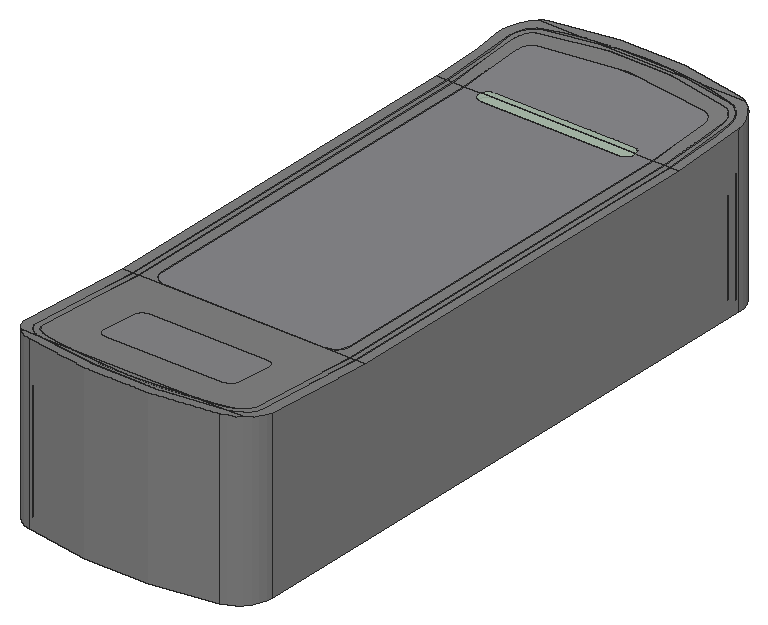
Revit family "Smartcard Reader_Farpointe_CSR-35_R18", category Security Devices, host Face, Revit 2018
Family settings
  Host = Face
  Maintain Annotation Orientation = No
  Round Connector Dimension = Use Diameter
  Part Type = Normal
  Cut with Voids When Loaded = No
  Shared = No
  Room Calculation Point = No
Parameters (values of type "Mullion")
  Width = 1.7"
  URL - Quick Start Guides [instance] = "http://farpointedata.com/downloads/qsg_and_ref/Conekt_QSG.pdf"
  URL - Mounting Guides Letter Size [instance] = "http://farpointedata.com/downloads/mounting_guides/MountingGuide_CSR35_Ltr.pdf"
  URL - Mounting Guides A4 Size [instance] = "N/A"
  URL - Data Sheets [instance] = "http://farpointedata.com/downloads/datasheets/CSR35_Conekt_TDS.pdf"
  URL - Bid Specifications [instance] = "http://farpointedata.com/downloads/bid_specs/Farpointe_Conekt_CSI_MF14_Specification.docx"
  URL = "http://www.farpointedata.com/"
  PLATE = no
  Manufacturer = "Farpointe Data"  # constant formula
  Height = 4.7"
  Depth = 1.2"
  Default Elevation = 48"
Types (3): name | Width | PLATE | Height
  (no name) | 1.7" | no | 4.7"
  Mullion | 1.7" | no | 4.7"
  Switch Plate | 3" | yes | 5.1"
Reference planes (in)
  plane 1 "Center (Front/Back)": y = 0
  plane 2: z = 0
  plane 3 "Center (Left/Right)": x = 0
  plane 4: x = -0.85
  plane 5: x = 0.85
  plane 6: y = 2.35
  plane 7: y = -2.35
  plane 8: z = 1.2
Dimensions and locks (in)
  equal spacing: plane 7, plane 1 "Center (Front/Back)", plane 6
  equal spacing: plane 4, plane 3 "Center (Left/Right)", plane 5
  "Height": plane 7 to plane 6
  "Width": plane 4 to plane 5
  "Depth": plane 8 to level
  aligned and locked: plane 2 to host face
  aligned and locked: level to host face
Automatic sketch dimensions
  host sketch curve to host sketch curve = 8.0501"
  host sketch curve to host sketch curve = 10.15159"
Nested families (in)
  nested 1: "Farpointe_CSR35_MULLION_R16" at (0, 0, 0), type "MULLION"
    with URL - Quick Start Guides "", URL - Mounting Guides Letter Size "", URL - Mounting Guides A4 Size "", URL - Data Sheets "", URL - Bid Specifications "", Plastic_Matte Plastic - Matte Black, Plastic_Gloss Plastic - Gloss Black, LED LED
  nested 2: "Farpointe_CSR35_PLATE_R16" at (0, 0, 0), visible <- "PLATE", type "MULLION"
    with URL - Quick Start Guides "", URL - Mounting Guides Letter Size "", URL - Mounting Guides A4 Size "", URL - Data Sheets "", URL - Bid Specifications "", Plastic_Matte Plastic - Matte Black, Plastic_Gloss Plastic - Gloss Black, LED LED
Definition of nested family "Farpointe_CSR35_MULLION_R16"
  Parameters (values of type "MULLION")
    Width = 1.7"
    URL - Quick Start Guides [instance] = ""
    URL - Mounting Guides Letter Size [instance] = ""
    URL - Mounting Guides A4 Size [instance] = ""
    URL - Data Sheets [instance] = ""
    URL - Bid Specifications [instance] = ""
    URL = "http://www.farpointedata.com/"
    Plastic_Matte [instance] = none
    Manufacturer = "Farpointe Data"  # constant formula
    LED [instance] = none
    Height = 4.7"
    Plastic_Gloss [instance] = none
    Depth = 1.2"
    Default Elevation = 48"
  Reference planes (in)
    plane 1 "Center (Front/Back)": y = 0
    plane 2: z = 0
    plane 3 "Center (Left/Right)": x = 0
    plane 4: x = -0.85
    plane 5: x = 0.85
    plane 6: y = 2.35
    plane 7: y = -2.35
    plane 8: z = 1.2
    plane 9: x = -0.71562
    plane 10: x = 0.71563
    plane 11: x = -0.71562
    plane 12: x = 0.71563
    plane 13: x = -0.71562
    plane 14: x = 0.71563
    plane 15: x = -0.71562
    plane 16: x = 0.71563
    plane 17: x = -0.71562
    plane 18: x = 0.71563
    plane 19: x = -0.71562
    plane 20: x = 0.71563
  Forms (in)
    Extrusion 1, solid
      sketch origin (0, 0, 0) x (1, 0, 0) y (0, 1, 0)
        loop
          line (-48, 48) -> (-48, -48) -> (48, -48) -> (48, 48) -> (-48, 48)
      from 0 to -12
    Extrusion 2, solid, material <- "Plastic_Gloss"
      sketch origin (0, 0, 0) x (1, 0, 0) y (0, 1, 0)
        loop
          arc (-0.66774, 2.27156) -> (-0.79894, 2.18781) -> (-0.85, 2.04077) r 0.23724
          line (-0.85, 2.04077) -> (-0.85, -2.04077)
          arc (-0.85, -2.04077) -> (-0.79894, -2.18781) -> (-0.66774, -2.27156) r 0.23724
          arc (-0.66774, -2.27156) -> (0, -2.35) -> (0.66774, -2.27156) r 2.88123
          arc (0.66774, -2.27156) -> (0.79894, -2.18781) -> (0.85, -2.04077) r 0.23724
          line (0.85, -2.04077) -> (0.85, 2.04077)
          arc (0.85, 2.04077) -> (0.79894, 2.18781) -> (0.66774, 2.27156) r 0.23724
          arc (0.66774, 2.27156) -> (0, 2.35) -> (-0.66774, 2.27156) r 2.88123
        loop
          arc (-0.65152, 2.20346) -> (-0.74401, 2.14443) -> (-0.78, 2.04077) r 0.16724
          line (-0.78, 2.04077) -> (-0.78, -2.04077)
          arc (-0.78, -2.04077) -> (-0.74401, -2.14443) -> (-0.65152, -2.20346) r 0.16724
          arc (-0.65152, -2.20346) -> (0, -2.28) -> (0.65152, -2.20346) r 2.81123
          arc (0.65152, -2.20346) -> (0.74401, -2.14443) -> (0.78, -2.04077) r 0.16724
          line (0.78, -2.04077) -> (0.78, 2.04077)
          arc (0.78, 2.04077) -> (0.74401, 2.14443) -> (0.65152, 2.20346) r 0.16724
          arc (0.65152, 2.20346) -> (0, 2.28) -> (-0.65152, 2.20346) r 2.81123
      from 0 to 1.2
    Extrusion 3, solid, material <- "Plastic_Gloss"
      sketch origin (0, 0, 0) x (1, 0, 0) y (0, 1, 0)
        loop
          arc (-0.65152, 2.20346) -> (-0.74401, 2.14443) -> (-0.78, 2.04077) r 0.16724
          line (-0.78, 2.04077) -> (-0.78, -2.04077)
          arc (-0.78, -2.04077) -> (-0.74401, -2.14443) -> (-0.65152, -2.20346) r 0.16724
          arc (-0.65152, -2.20346) -> (0, -2.28) -> (0.65152, -2.20346) r 2.81123
          arc (0.65152, -2.20346) -> (0.74401, -2.14443) -> (0.78, -2.04077) r 0.16724
          line (0.78, -2.04077) -> (0.78, 2.04077)
          arc (0.78, 2.04077) -> (0.74401, 2.14443) -> (0.65152, 2.20346) r 0.16724
          arc (0.65152, 2.20346) -> (0, 2.28) -> (-0.65152, 2.20346) r 2.81123
        loop
          arc (-0.64225, 2.16455) -> (-0.71262, 2.11964) -> (-0.74, 2.04077) r 0.12724
          line (-0.74, 2.04077) -> (-0.74, -2.04077)
          arc (-0.74, -2.04077) -> (-0.71262, -2.11964) -> (-0.64225, -2.16455) r 0.12724
          arc (-0.64225, -2.16455) -> (0, -2.24) -> (0.64225, -2.16455) r 2.77123
          arc (0.64225, -2.16455) -> (0.71262, -2.11964) -> (0.74, -2.04077) r 0.12724
          line (0.74, -2.04077) -> (0.74, 2.04077)
          arc (0.74, 2.04077) -> (0.71262, 2.11964) -> (0.64225, 2.16455) r 0.12724
          arc (0.64225, 2.16455) -> (0, 2.24) -> (-0.64225, 2.16455) r 2.77123
      from 0 to 1.2
    Extrusion 4, solid, material <- "Plastic_Gloss"
      sketch origin (0, 0, 0) x (1, 0, 0) y (0, 1, 0)
        loop
          arc (-0.64225, 2.16455) -> (-0.71262, 2.11964) -> (-0.74, 2.04077) r 0.12724
          line (-0.74, 2.04077) -> (-0.74, -2.04077)
          arc (-0.74, -2.04077) -> (-0.71262, -2.11964) -> (-0.64225, -2.16455) r 0.12724
          arc (-0.64225, -2.16455) -> (0, -2.24) -> (0.64225, -2.16455) r 2.77123
          arc (0.64225, -2.16455) -> (0.71262, -2.11964) -> (0.74, -2.04077) r 0.12724
          line (0.74, -2.04077) -> (0.74, 2.04077)
          arc (0.74, 2.04077) -> (0.71262, 2.11964) -> (0.64225, 2.16455) r 0.12724
          arc (0.64225, 2.16455) -> (0, 2.24) -> (-0.64225, 2.16455) r 2.77123
        loop
          arc (-0.58278, 2.07565) -> (-0.63901, 2.04058) -> (-0.66096, 1.97806) r 0.1
          line (-0.66096, 1.97806) -> (-0.66096, -1.12207)
          arc (-0.66096, -1.12207) -> (-0.63168, -1.19278) -> (-0.56096, -1.22207) r 0.1
          line (-0.56096, -1.22207) -> (0.56096, -1.22207)
          arc (0.56096, -1.22207) -> (0.63168, -1.19278) -> (0.66096, -1.12207) r 0.1
          line (0.66096, -1.12207) -> (0.66096, 1.97806)
          arc (0.66096, 1.97806) -> (0.63901, 2.04058) -> (0.58278, 2.07565) r 0.1
          arc (0.58278, 2.07565) -> (0, 2.14) -> (-0.58278, 2.07565) r 2.67123
        loop
          arc (-0.41086, -1.53207) -> (-0.45506, -1.55038) -> (-0.47336, -1.59457) r 0.0625
          line (-0.47336, -1.59457) -> (-0.47336, -1.8675)
          arc (-0.47336, -1.8675) -> (-0.45506, -1.91169) -> (-0.41086, -1.93) r 0.0625
          line (-0.41086, -1.93) -> (0.41086, -1.93)
          arc (0.41086, -1.93) -> (0.45506, -1.91169) -> (0.47336, -1.8675) r 0.0625
          line (0.47336, -1.8675) -> (0.47336, -1.59457)
          arc (0.47336, -1.59457) -> (0.45506, -1.55038) -> (0.41086, -1.53207) r 0.0625
          line (0.41086, -1.53207) -> (-0.41086, -1.53207)
      from 0 to 1.2
    Extrusion 5, solid, material <- "Plastic_Matte"
      sketch origin (0, 0, 0) x (1, 0, 0) y (0, 1, 0)
        loop
          arc (-0.58278, 2.07565) -> (-0.63901, 2.04058) -> (-0.66096, 1.97806) r 0.1
          line (-0.66096, 1.97806) -> (-0.66096, -1.12207)
          arc (-0.66096, -1.12207) -> (-0.63168, -1.19278) -> (-0.56096, -1.22207) r 0.1
          line (-0.56096, -1.22207) -> (0.56096, -1.22207)
          arc (0.56096, -1.22207) -> (0.63168, -1.19278) -> (0.66096, -1.12207) r 0.1
          line (0.66096, -1.12207) -> (0.66096, 1.97806)
          arc (0.66096, 1.97806) -> (0.63901, 2.04058) -> (0.58278, 2.07565) r 0.1
          arc (0.58278, 2.07565) -> (0, 2.14) -> (-0.58278, 2.07565) r 2.67123
        loop
          line (0.48286, 1.57518) -> (-0.48286, 1.57518)
          arc (-0.48286, 1.57518) -> (-0.54476, 1.51329) -> (-0.48286, 1.4514) r 0.06189
          line (-0.48286, 1.4514) -> (0.48286, 1.4514)
          arc (0.48286, 1.4514) -> (0.54476, 1.51329) -> (0.48286, 1.57518) r 0.06189
        loop
          arc (-0.41086, -1.53207) -> (-0.45506, -1.55038) -> (-0.47336, -1.59457) r 0.0625
          line (-0.47336, -1.59457) -> (-0.47336, -1.8675)
          arc (-0.47336, -1.8675) -> (-0.45506, -1.91169) -> (-0.41086, -1.93) r 0.0625
          line (-0.41086, -1.93) -> (0.41086, -1.93)
          arc (0.41086, -1.93) -> (0.45506, -1.91169) -> (0.47336, -1.8675) r 0.0625
          line (0.47336, -1.8675) -> (0.47336, -1.59457)
          arc (0.47336, -1.59457) -> (0.45506, -1.55038) -> (0.41086, -1.53207) r 0.0625
          line (0.41086, -1.53207) -> (-0.41086, -1.53207)
      from 0 to 1.2
    Extrusion 6, solid, material <- "LED"
      sketch origin (0, 0, 0) x (1, 0, 0) y (0, 1, 0)
        loop
          line (0.48286, 1.57518) -> (-0.48286, 1.57518)
          arc (-0.48286, 1.57518) -> (-0.54476, 1.51329) -> (-0.48286, 1.4514) r 0.06189
          line (-0.48286, 1.4514) -> (0.48286, 1.4514)
          arc (0.48286, 1.4514) -> (0.54476, 1.51329) -> (0.48286, 1.57518) r 0.06189
      from 1.08089 to 1.2
    Extrusion 7, void
      sketch origin (0, 0, 0) x (0, 1, 0) y (0, 0, 1)
        loop
          line (-1.22367, 1.10847) -> (1.52633, 1.10847)
          arc (1.52633, 1.10847) -> (1.89088, 1.12803) -> (2.25125, 1.18648) r 3.40728
          arc (2.25125, 1.18648) -> (2.43941, 1.19273) -> (2.61756, 1.13186) r 0.52234
          arc (2.61756, 1.13186) -> (2.7148, 1.14927) -> (2.71664, 1.24804) r 0.07783
          arc (2.71664, 1.24804) -> (2.53201, 1.53935) -> (2.41153, 1.86251) r 1.66069
          arc (2.41153, 1.86251) -> (1.08419, 2.25443) -> (-0.27026, 1.96999) r 2.82973
          arc (-0.27026, 1.96999) -> (-1.20244, 1.64322) -> (-2.18672, 1.72634) r 2.36145
          arc (-2.18672, 1.72634) -> (-2.56402, 1.56803) -> (-2.97212, 1.59755) r 0.87961
          arc (-2.97212, 1.59755) -> (-3.29584, 1.36078) -> (-2.97254, 1.12344) r 0.24861
          arc (-2.97254, 1.12344) -> (-2.5914, 1.19715) -> (-2.20346, 1.18272) r 1.70477
          arc (-2.20346, 1.18272) -> (-1.71497, 1.12706) -> (-1.22367, 1.10847) r 6.50153
      from -1.37394 to 1.04822
    Extrusion 8, solid, material <- "Plastic_Matte"
      sketch origin (0, 0, 0) x (1, 0, 0) y (0, 1, 0)
        loop
          line (0.48286, 1.57518) -> (-0.48286, 1.57518)
          arc (-0.48286, 1.57518) -> (-0.54476, 1.51329) -> (-0.48286, 1.4514) r 0.06189
          line (-0.48286, 1.4514) -> (0.48286, 1.4514)
          arc (0.48286, 1.4514) -> (0.54476, 1.51329) -> (0.48286, 1.57518) r 0.06189
      from 0 to 1.08089
  Cuts and joins
    Extrusion 7 cuts Extrusion 3
    Extrusion 7 cuts Extrusion 6
    Extrusion 7 cuts Extrusion 2
    Extrusion 7 cuts Extrusion 4
    Extrusion 7 cuts Extrusion 5
  Dimensions and locks (in)
    equal spacing: plane 7, plane 1 "Center (Front/Back)", plane 6
    equal spacing: plane 4, plane 3 "Center (Left/Right)", plane 5
    "Height": plane 7 to plane 6
    "Width": plane 4 to plane 5
    "Depth": plane 8 to level
    aligned and locked: plane 2 to Extrusion 1
    aligned and locked: level to Extrusion 1
  Automatic sketch dimensions
    Extrusion 1 sketch curve to Extrusion 1 sketch curve = 96"  (x2)
    Extrusion 2 sketch curve to plane 3 "Center (Left/Right)" = 0"  (x2)
    Extrusion 2 sketch curve to plane 5 = 0"
    Extrusion 2 sketch curve to plane 9 = 0.10286"
    Extrusion 2 sketch curve to plane 10 = 0.10286"  (x2)
    Extrusion 2 sketch curve to plane 7 = 0.30923"
    plane 6 to Extrusion 2 sketch curve = 0.30923"
    Extrusion 2 sketch curve to plane 10 = 0.04788"  (x2)
    Extrusion 2 sketch curve to Extrusion 2 sketch curve = 0"  (x15)
    Extrusion 2 sketch curve to plane 4 = 0"
    Extrusion 2 sketch curve to Extrusion 2 sketch curve = 0.01622"  (x7)
    Extrusion 2 sketch curve to Extrusion 2 sketch curve = 0.06809"
    Extrusion 3 sketch curve to plane 3 "Center (Left/Right)" = 0"  (x2)
    plane 11 to Extrusion 3 sketch curve = 0.06437"
    Extrusion 3 sketch curve to plane 11 = 0.10286"  (x2)
    Extrusion 3 sketch curve to plane 12 = 0.10286"  (x2)
    plane 12 to Extrusion 3 sketch curve = 0.06438"
    Extrusion 3 sketch curve to plane 7 = 0.30923"
    plane 6 to Extrusion 3 sketch curve = 0.30923"
    Extrusion 3 sketch curve to Extrusion 3 sketch curve = 0"  (x14)
    Extrusion 3 sketch curve to Extrusion 3 sketch curve = 0.00927"  (x7)
    Extrusion 3 sketch curve to Extrusion 3 sketch curve = 0.03891"
    Extrusion 5 sketch curve to plane 3 "Center (Left/Right)" = 0"
    Extrusion 5 sketch curve to plane 15 = 0.23276"
    Extrusion 5 sketch curve to plane 15 = 0.15466"  (x2)
    Extrusion 5 sketch curve to plane 15 = 0.05466"
    Extrusion 5 sketch curve to plane 16 = 0.23276"
    Extrusion 5 sketch curve to plane 16 = 0.15466"  (x2)
    Extrusion 5 sketch curve to plane 16 = 0.05466"
    Extrusion 5 sketch curve to plane 7 = 1.12793"
    plane 1 "Center (Front/Back)" to Extrusion 5 sketch curve = 0.53123"
    plane 6 to Extrusion 5 sketch curve = 0.8986"
    Extrusion 5 sketch curve to Extrusion 5 sketch curve = 0.06189"
    plane 6 to Extrusion 5 sketch curve = 0.37194"  (x2)
    Extrusion 5 sketch curve to Extrusion 5 sketch curve = 0"
    Extrusion 6 sketch curve to plane 17 = 0.23276"
    Extrusion 6 sketch curve to plane 18 = 0.23276"
    plane 6 to Extrusion 6 sketch curve = 0.8986"
    Extrusion 6 sketch curve to Extrusion 6 sketch curve = 0.06189"
    Extrusion 8 sketch curve to plane 19 = 0.23276"
    Extrusion 8 sketch curve to plane 20 = 0.23276"
    plane 6 to Extrusion 8 sketch curve = 0.8986"
    Extrusion 8 sketch curve to Extrusion 8 sketch curve = 0.06189"
    Extrusion 4 sketch curve to Extrusion 4 sketch curve = 0"  (x7)
    Extrusion 4 sketch curve to plane 3 "Center (Left/Right)" = 0"  (x2)
    Extrusion 4 sketch curve to plane 3 "Center (Left/Right)" = 0.41086"
    Extrusion 4 sketch curve to plane 13 = 0.15466"  (x2)
    Extrusion 4 sketch curve to plane 13 = 0.10286"
    Extrusion 4 sketch curve to Extrusion 4 sketch curve = 0.0518"  (x2)
    Extrusion 4 sketch curve to plane 13 = 0.05466"
    plane 13 to Extrusion 4 sketch curve = 0.02437"
    plane 3 "Center (Left/Right)" to Extrusion 4 sketch curve = 0.41086"
    Extrusion 4 sketch curve to Extrusion 4 sketch curve = 0.0625"  (x2)
    Extrusion 4 sketch curve to plane 14 = 0.15466"  (x2)
    Extrusion 4 sketch curve to plane 14 = 0.10286"
    Extrusion 4 sketch curve to plane 14 = 0.05466"
    plane 14 to Extrusion 4 sketch curve = 0.02438"
    Extrusion 4 sketch curve to plane 7 = 0.30923"  (x2)
    Extrusion 4 sketch curve to Extrusion 4 sketch curve = 0.11077"
    Extrusion 4 sketch curve to Extrusion 4 sketch curve = 0.27293"
    Extrusion 4 sketch curve to Extrusion 4 sketch curve = 0.31"
    plane 1 "Center (Front/Back)" to Extrusion 4 sketch curve = 0.53123"
    Extrusion 4 sketch curve to plane 1 "Center (Front/Back)" = 0.53123"
    plane 6 to Extrusion 4 sketch curve = 0.37194"  (x2)
    Extrusion 4 sketch curve to Extrusion 4 sketch curve = 0.06271"
    Extrusion 4 sketch curve to Extrusion 4 sketch curve = 0.03488"
    Extrusion 5 sketch curve to plane 15 = 0.24226"
    Extrusion 5 sketch curve to Extrusion 5 sketch curve = 0.0625"  (x3)
    Extrusion 5 sketch curve to plane 16 = 0.30476"  (x2)
    Extrusion 5 sketch curve to Extrusion 5 sketch curve = 0.31"
    Extrusion 5 sketch curve to Extrusion 5 sketch curve = 0.27293"
    plane 8 to Extrusion 7 sketch curve = 0.16056"
    plane 7 to Extrusion 7 sketch curve = 0.69723"
    plane 7 to Extrusion 7 sketch curve = 0.35635"
    plane 7 to Extrusion 7 sketch curve = 0.11037"
    Extrusion 7 sketch curve to plane 7 = 0.84974"
    Extrusion 7 sketch curve to plane 8 = 0.09153"
    Extrusion 7 sketch curve to plane 7 = 1.12633"
    Extrusion 7 sketch curve to level = 0.57303"
    Extrusion 7 sketch curve to plane 1 "Center (Front/Back)" = 0.97087"
    plane 6 to Extrusion 7 sketch curve = 0.82367"
    Extrusion 7 sketch curve to plane 6 = 0.01238"
    Extrusion 7 sketch curve to plane 8 = 0.00022"
    Extrusion 7 sketch curve to plane 6 = 0.30558"
    Extrusion 7 sketch curve to level = 0.50258"
    Extrusion 7 sketch curve to plane 8 = 0.52391"
    Extrusion 7 sketch curve to Extrusion 7 sketch curve = 1.07549"
    Extrusion 7 sketch curve to Extrusion 7 sketch curve = 0.52994"
    Extrusion 7 sketch curve to Extrusion 7 sketch curve = 3.62419"
    Extrusion 7 sketch curve to plane 8 = 0.07656"
    Extrusion 7 sketch curve to Extrusion 7 sketch curve = 0"  (x5)
    Extrusion 7 sketch curve to plane 7 = 0.16328"
    plane 1 "Center (Front/Back)" to Extrusion 7 sketch curve = 0.27026"
    Extrusion 7 sketch curve to plane 6 = 0.06153"
    plane 8 to Extrusion 7 sketch curve = 0.04804"
    Extrusion 7 sketch curve to Extrusion 7 sketch curve = 0.06106"
Definition of nested family "Farpointe_CSR35_PLATE_R16"
  Parameters (values of type "MULLION")
    Width = 3"
    URL - Quick Start Guides [instance] = ""
    URL - Mounting Guides Letter Size [instance] = ""
    URL - Mounting Guides A4 Size [instance] = ""
    URL - Data Sheets [instance] = ""
    URL - Bid Specifications [instance] = ""
    URL = "http://www.farpointedata.com/"
    Plastic_Matte [instance] = none
    Manufacturer = "Farpointe Data"  # constant formula
    LED [instance] = none
    Height = 5.1"
    Plastic_Gloss [instance] = none
    Depth = 1.2"
    Default Elevation = 48"
  Reference planes (in)
    plane 1 "Center (Front/Back)": y = 0
    plane 2: z = 0
    plane 3 "Center (Left/Right)": x = 0
    plane 4: x = -1.5
    plane 5: x = 1.5
    plane 6: y = 2.55
    plane 7: y = -2.55
    plane 8: z = 1.2
    plane 9: x = -0.71562
    plane 10: x = 0.71563
  Forms (in)
    Extrusion 1, solid
      sketch origin (0, 0, 0) x (1, 0, 0) y (0, 1, 0)
        loop
          line (-3, 5) -> (-3, -4.62308) -> (3.562, -4.62308) -> (3.562, 5) -> (-3, 5)
      from 0 to -0.74626
    Extrusion 2, solid, material <- "Plastic_Gloss"
      sketch origin (0, 0, 0) x (1, 0, 0) y (0, 1, 0)
        loop
          arc (-0.66774, 2.27156) -> (-0.79894, 2.18781) -> (-0.85, 2.04077) r 0.23724
          line (-0.85, 2.04077) -> (-0.85, -2.04077)
          arc (-0.85, -2.04077) -> (-0.79894, -2.18781) -> (-0.66774, -2.27156) r 0.23724
          arc (-0.66774, -2.27156) -> (0, -2.35) -> (0.66774, -2.27156) r 2.88123
          arc (0.66774, -2.27156) -> (0.79894, -2.18781) -> (0.85, -2.04077) r 0.23724
          line (0.85, -2.04077) -> (0.85, 2.04077)
          arc (0.85, 2.04077) -> (0.79894, 2.18781) -> (0.66774, 2.27156) r 0.23724
          arc (0.66774, 2.27156) -> (0, 2.35) -> (-0.66774, 2.27156) r 2.88123
        loop
          arc (-1.125, 2.55) -> (-1.39017, 2.44017) -> (-1.5, 2.175) r 0.375
          line (-1.5, 2.175) -> (-1.5, -2.175)
          arc (-1.5, -2.175) -> (-1.39017, -2.44017) -> (-1.125, -2.55) r 0.375
          line (-1.125, -2.55) -> (1.125, -2.55)
          arc (1.125, -2.55) -> (1.39017, -2.44017) -> (1.5, -2.175) r 0.375
          line (1.5, -2.175) -> (1.5, 2.175)
          arc (1.5, 2.175) -> (1.39017, 2.44017) -> (1.125, 2.55) r 0.375
          line (1.125, 2.55) -> (-1.125, 2.55)
      from 0 to 1.06761
    Sweep 3, void
      path origin (0, 0, 0) x (1, 0, 0) y (0, 1, 0)
        loop
          line (-1.125, -2.55) -> (1.125, -2.55)
          arc (1.125, -2.55) -> (1.39017, -2.44017) -> (1.5, -2.175) r 0.375
          line (1.5, -2.175) -> (1.5, 2.175)
          arc (1.5, 2.175) -> (1.39017, 2.44017) -> (1.125, 2.55) r 0.375
          line (1.125, 2.55) -> (-1.125, 2.55)
          arc (-1.125, 2.55) -> (-1.39017, 2.44017) -> (-1.5, 2.175) r 0.375
          line (-1.5, 2.175) -> (-1.5, -2.175)
          arc (-1.5, -2.175) -> (-1.39017, -2.44017) -> (-1.125, -2.55) r 0.375
      profile origin (0, -2.55, 0) x (0, 1, 0) y (0, 0, 1)
        loop
          arc (0, 0.92338) -> (0.04225, 1.02537) -> (0.14424, 1.06761) r 0.14424
          line (0.14424, 1.06761) -> (0, 1.06761) -> (0, 0.92338)
  Cuts and joins
    Sweep 3 cuts Extrusion 2
  Dimensions and locks (in)
    equal spacing: plane 7, plane 1 "Center (Front/Back)", plane 6
    equal spacing: plane 4, plane 3 "Center (Left/Right)", plane 5
    "Height": plane 7 to plane 6
    "Width": plane 4 to plane 5
    "Depth": plane 8 to level
    aligned and locked: plane 2 to Extrusion 1
    aligned and locked: level to Extrusion 1
  Automatic sketch dimensions
    Extrusion 1 sketch curve to Extrusion 1 sketch curve = 6.562"
    Extrusion 1 sketch curve to Extrusion 1 sketch curve = 9.62308"
    Extrusion 2 sketch curve to plane 4 = 0"
    plane 7 to Extrusion 2 sketch curve = 0"
    plane 6 to Extrusion 2 sketch curve = 0"
    Extrusion 2 sketch curve to plane 3 "Center (Left/Right)" = 0"  (x2)
    Extrusion 2 sketch curve to plane 5 = 0"
    plane 9 to Extrusion 2 sketch curve = 0.40937"
    plane 9 to Extrusion 2 sketch curve = 0.40938"
    plane 9 to Extrusion 2 sketch curve = 0.13437"
    Extrusion 2 sketch curve to plane 9 = 0.10286"  (x2)
    Extrusion 2 sketch curve to plane 10 = 0.10286"  (x2)
    plane 10 to Extrusion 2 sketch curve = 0.13438"
    plane 10 to Extrusion 2 sketch curve = 0.40937"  (x2)
    Extrusion 2 sketch curve to Extrusion 2 sketch curve = 0.13423"  (x4)
    plane 1 "Center (Front/Back)" to Extrusion 2 sketch curve = 0.53123"
    Extrusion 2 sketch curve to plane 1 "Center (Front/Back)" = 0.53123"
    Extrusion 2 sketch curve to plane 10 = 0.04788"  (x2)
    Extrusion 2 sketch curve to Extrusion 2 sketch curve = 0"  (x2)
    Sweep 3 sketch curve to plane 4 = 0"
    plane 7 to Sweep 3 sketch curve = 0"
    plane 6 to Sweep 3 sketch curve = 0"
    Sweep 3 sketch curve to plane 5 = 0"
    plane 4 to Sweep 3 sketch curve = 0.375"  (x2)
    Sweep 3 sketch curve to plane 5 = 0.375"
    Sweep 3 sketch curve to Sweep 3 sketch curve = 0.375"
    Sweep 3 sketch curve to profile plane = 0"
    Sweep 3 sketch curve to profile plane = 0.14424"
    level to Sweep 3 sketch curve = 0.92338"
